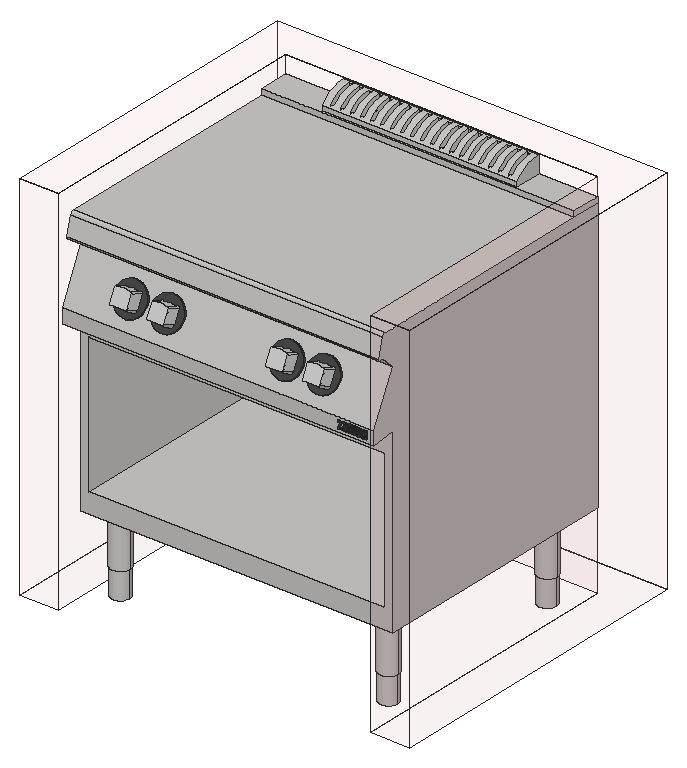
Revit family "QF_ZANUSSI_372178_Z7GCGH4CO0", category Attrezzature speciali, Revit 2020
Family settings
  Quota connettore circolare = Usa diametro
  Tipo di parte = Normale
  Basato su piano di lavoro = No
  Sempre verticale = Sì
  Taglio con vuoti quando caricato = No
  Condiviso = No
  Punto di calcolo locali = No
Parameters (values of type "Standard")
  Weight = 50.00 kg
  Watts = 0 W
  Volts = 0 V
  URL Manufacturer = "http://www.zanussiprofessional.com"
  URL = "http://www.zanussiprofessional.com"
  Steam Supply Size = 0 mm
  Steam Supply Minimum Pressure = 0.0 Pa
  Steam Supply Maximum Pressure = 0.0 Pa
  Steam Consumption per Hour = 0
  Show Logo [instance] = yes
  Show Clearance [instance] = yes
  Refrigeration Suction Line Size = 0 mm
  Refrigeration Liquid Line Size = 0 mm
  Refrigerant Compressor Remote = yes
  Prospetto di default = 0 mm
  Produttore = "Zanussi"
  Phase = 0
  Modello = "Z7GCGH4CO0"
  Length Actual = 800 mm  # constant formula
  Item Number = "372178"
  Hot Water Size = 0 mm
  Height Actual = 850 mm  # constant formula
  HP = "0 HP"
  Gas Size = 12.7 mm
  Gas KW = 22
  Gas Input Pressure = 0.216464 W
  Direct Waste Size = 0 mm
  Descrizione = "4-BURNER GAS RANGE+OPEN BASE 800 MM"
  Depth Actual = 700 mm  # constant formula
  Cycle = 0 Hz
  Condensate Return Size = 0 mm
  Compressed Air Volume = 0.0 L/s
  Compressed Air Size = 0 mm
  Compressed Air Pressure = 0.0 Pa
  Cold Water Size = 0 mm
  Accessory = yes
Reference planes
  plane 1 "Back": y = 0
  plane 2: z = 0
  plane 3 "Left": x = 0
  plane 4: y = -716.25
  plane 5: x = 800
  plane 6: z = 850
  plane 7: y = -340.304
  plane 8: y = -680.608
  plane 9: x = 400
  plane 10: x = 900
  plane 11: x = -100
  plane 12: y = 100
  plane 13: z = 149
Forms (mm)
  Extrusion 1, solid, material "QF_Finishes_Clearance", visible <- "Show Clearance"
    sketch origin (0, 0, 0) x (1, 0, 0) y (0, 1, 0)
      loop
        line (-100, -727.538) -> (0, -727.538) -> (0, 0) -> (800, 0) -> (800, -727.538) -> (900, -727.538) -> (900, 100) -> (-100, 100) -> (-100, -727.538)
    from 0 to 958.9
  Extrusion 2, solid, material "QF_Finishes_Stainless Steel"
    sketch origin (0, 50, 661.213) x (0, 1, 0) y (0, 0, 1)
      loop
        line (-50, 238.788) -> (-50, 253.075) -> (-126.2, 253.075) -> (-126.2, 238.788) -> (-50, 238.788)
    from 0 to 800
  Extrusion 3, solid, material "QF_Finishes_Stainless Steel"
    sketch origin (-305.042, -2, 191.278) x (-1, 0, 0) y (0, -1, 0)
      loop
        circle (-1052.042, 464) r 6.35
    from -1.278 to 438.722
  Extrusion 4, solid, material "QF_Finishes_Stainless Steel"
    sketch origin (0, 50, 661.212) x (0, 1, 0) y (0, 0, 1)
      loop
        line (-50, 238.788) -> (-730.608, 238.788)
        arc (-730.608, 238.788) -> (-735.893, 236.598) -> (-738.083, 231.313) r 7.474
        line (-738.083, 231.313) -> (-751.134, 185.798)
        arc (-751.134, 185.798) -> (-750.646, 183.166) -> (-748.25, 181.971) r 3
        line (-748.25, 181.971) -> (-738.052, 181.971) -> (-706.232, 150.152) -> (-766.25, 29.296) -> (-766.25, -5.704) -> (-709.895, 2.216)
        arc (-709.895, 2.216) -> (-707.351, 1.462) -> (-706.25, -0.953) r 3.2
        line (-706.25, -0.953) -> (-706.25, -462.212) -> (-50, -462.212) -> (-50, 238.788)
    from 0 to 800
  Extrusion 5, void
    sketch origin (0, 0, 50) x (1, 0, 0) y (0, 0, 1)
      loop
        line (20, 555.508) -> (20, 199) -> (780, 199) -> (780, 555.508) -> (20, 555.508)
    from 21.775 to 673.125
Cuts and joins
  Extrusion 5 cuts Extrusion 4
  joined: Extrusion 3, Extrusion 4
Dimensions and locks
  plane 1 "Back" to plane 4 = 716.25 mm  (x2)
  plane 3 "Left" to plane 5 = 800 mm
  equal spacing: plane 3 "Left", plane 9, plane 5
  plane 1 "Back" to plane 12 = 100 mm
  plane 5 to plane 10 = 100 mm
  plane 11 to plane 3 "Left" = 100 mm
  plane 13 to level = 149 mm
  Extrusion 5 sketch curve to Extrusion 5 sketch curve = 760 mm
  Extrusion 1 to cut or joined group of Extrusion 3, Extrusion 4, Extrusion 5 = 900 mm
  aligned and locked: level to plane 2
Automatic sketch dimensions
  Extrusion 1 sketch curve to plane 11 = 0 mm
  Extrusion 1 sketch curve to plane 3 "Left" = 0 mm
  plane 1 "Back" to Extrusion 1 sketch curve = 0 mm
  Extrusion 1 sketch curve to plane 5 = 0 mm
  Extrusion 1 sketch curve to plane 10 = 0 mm
  Extrusion 1 sketch curve to plane 12 = 0 mm
  Extrusion 1 sketch curve to plane 4 = 11.288 mm  (x2)
  Extrusion 2 sketch curve to plane 1 "Back" = 0 mm
  plane 1 "Back" to Extrusion 2 sketch curve = 76.2 mm
  Extrusion 2 sketch curve to plane 6 = 50 mm
  Extrusion 2 sketch curve to Extrusion 2 sketch curve = 14.288 mm
  plane 5 to Extrusion 3 sketch curve = 53 mm
  Extrusion 3 sketch curve to plane 7 = 125.696 mm
  Extrusion 4 sketch curve to plane 4 = 0 mm
  Extrusion 4 sketch curve to plane 8 = 0 mm
  Extrusion 4 sketch curve to plane 1 "Back" = 0 mm
  plane 6 to Extrusion 4 sketch curve = 2.989 mm
  plane 4 to Extrusion 4 sketch curve = 15.116 mm
  Extrusion 4 sketch curve to Extrusion 4 sketch curve = 2.884 mm
  Extrusion 4 sketch curve to Extrusion 4 sketch curve = 7.474 mm
  Extrusion 4 sketch curve to plane 8 = 7.443 mm
  plane 8 to Extrusion 4 sketch curve = 20.713 mm
  Extrusion 4 sketch curve to Extrusion 4 sketch curve = 0.445 mm
  plane 8 to Extrusion 4 sketch curve = 24.358 mm
  plane 8 to Extrusion 4 sketch curve = 24.376 mm
  Extrusion 4 sketch curve to Extrusion 4 sketch curve = 0.827 mm
  plane 6 to Extrusion 4 sketch curve = 38.636 mm
  Extrusion 4 sketch curve to Extrusion 4 sketch curve = 120.856 mm
  Extrusion 4 sketch curve to Extrusion 4 sketch curve = 27.08 mm
  Extrusion 4 sketch curve to Extrusion 4 sketch curve = 35 mm
  Extrusion 4 sketch curve to plane 13 = 50 mm
  Extrusion 4 sketch curve to plane 6 = 42.526 mm
  plane 3 "Left" to Extrusion 5 sketch curve = 20 mm
  plane 5 to Extrusion 5 sketch curve = 20 mm
  Extrusion 5 sketch curve to plane 13 = 100 mm
  plane 6 to Extrusion 5 sketch curve = 244.492 mm
  radius of Extrusion 3 sketch curve = 6.35 mm
Nested families
  nested 1: "Uscita_Fumi_500" at (400, -34.925, 914.288), type "Uscita_Fumi_500"
  nested 2: "CONTROLLER_XP-ZAN" at (698, -685.798, 751.827) x (1, 0, 0) z (0, -0.8956, 0.4448), type "CONTROLLER_XP-ZAN"
  nested 3: "CONTROLLER_XP-ZAN" at (603, -685.798, 751.827) x (1, 0, 0) z (0, -0.8956, 0.4448), type "CONTROLLER_XP-ZAN"
  nested 4: "CONTROLLER_XP-ZAN" at (298, -685.798, 751.827) x (1, 0, 0) z (0, -0.8956, 0.4448), type "CONTROLLER_XP-ZAN"
  nested 5: "CONTROLLER_XP-ZAN" at (203, -685.798, 751.827) x (1, 0, 0) z (0, -0.8956, 0.4448), type "CONTROLLER_XP-ZAN"
  nested 6: "ZANUSSI_Logo" at (749.92, -716.25, 722.184) x (1, 0, 0) z (0, -1, 0), Show Logo <- "Show Logo", visible <- "Show Logo", type "ZANUSSI_Logo"
    with Show Logo yes
  nested 7: "Piedino 50xH200_par" at (56, -90, 0), type "Piedino 50xH200_par"
    with H 200 mm
  nested 8: "Piedino 50xH200_par" at (744, -90, 0), type "Piedino 50xH200_par"
    with H 200 mm
  nested 9: "Piedino 50xH200_par" at (744, -600, 0), type "Piedino 50xH200_par"
    with H 200 mm
  nested 10: "Piedino 50xH200_par" at (56, -600, 0), type "Piedino 50xH200_par"
    with H 200 mm
Connectors
  piping at (747, -466, 190), diameter 12.7, driven by "Gas Size"
    settings: on Extrusion 3, index 13, connector inside diameter 12.8 mm, connector length 0 mm, flow factor 0, pipe flow 0.0 L/s, pressure drop 0.0 Pa, fitting loss kfactor 0, connector angle 0.00°, fixture units 0, engagement length 0 mm, angle of deflection 0.00°, flow configuration 1, flow direction 1, fitting loss method 0, system type 29, joint type 0, gender type 0, connector reference index -1, connector utility 0, adjustable connector no, is connector primary yes, connector description "Gas Connection"
Definition of nested family "Uscita_Fumi_500"
  Parameters (values of type "Uscita_Fumi_500")
    Default Elevation = 1219.2 mm
  Reference planes
    plane 1 "Centro (Fronte/Retro)": y = 0
    plane 2: z = 0
    plane 3 "Centro (Sinistra/Destra)": x = 0
  Forms (mm)
    Extrusion 1, solid
      sketch origin (0, 0, 0) x (1, 0, 0) y (0, 1, 0)
        loop
          line (-1219.2, 1219.2) -> (-1219.2, -1219.2) -> (1219.2, -1219.2) -> (1219.2, 1219.2) -> (-1219.2, 1219.2)
      from 0 to -304.8
    Extrusion 2, solid
      sketch origin (-150, 34.925, -289.638) x (0, 1, 0) y (0, 0, 1)
        loop
          line (0, 289.638) -> (0, 331.738)
          arc (0, 331.738) -> (-38.857, 324.552) -> (-69.85, 300.038) r 82.056
          line (-69.85, 300.038) -> (-69.85, 289.638) -> (0, 289.638)
      from -100 to 400
    Extrusion 3, void
      sketch origin (-262.5, 34.925, -15) x (0, -1, 0) y (1, 0, 0)
        loop
          line (6.761, 29.703) -> (63.911, 29.703) -> (63.911, 38.999) -> (6.761, 38.999) -> (6.761, 29.703)
        loop
          line (63.911, 64.487) -> (6.761, 64.487) -> (6.761, 55.191) -> (63.911, 55.191) -> (63.911, 64.487)
        loop
          line (63.911, 89.975) -> (6.761, 89.975) -> (6.761, 80.68) -> (63.911, 80.68) -> (63.911, 89.975)
        loop
          line (63.911, 115.464) -> (6.761, 115.464) -> (6.761, 106.168) -> (63.911, 106.168) -> (63.911, 115.464)
        loop
          line (63.911, 140.952) -> (6.761, 140.952) -> (6.761, 131.656) -> (63.911, 131.656) -> (63.911, 140.952)
        loop
          line (63.911, 166.44) -> (6.761, 166.44) -> (6.761, 157.145) -> (63.911, 157.145) -> (63.911, 166.44)
        loop
          line (63.911, 191.929) -> (6.761, 191.929) -> (6.761, 182.633) -> (63.911, 182.633) -> (63.911, 191.929)
        loop
          line (63.911, 217.417) -> (6.761, 217.417) -> (6.761, 208.121) -> (63.911, 208.121) -> (63.911, 217.417)
        loop
          line (63.911, 242.905) -> (6.761, 242.905) -> (6.761, 233.61) -> (63.911, 233.61) -> (63.911, 242.905)
        loop
          line (63.911, 268.394) -> (6.761, 268.394) -> (6.761, 259.098) -> (63.911, 259.098) -> (63.911, 268.394)
        loop
          line (63.911, 293.882) -> (6.761, 293.882) -> (6.761, 284.586) -> (63.911, 284.586) -> (63.911, 293.882)
        loop
          line (63.911, 319.37) -> (6.761, 319.37) -> (6.761, 310.075) -> (63.911, 310.075) -> (63.911, 319.37)
        loop
          line (63.911, 344.859) -> (6.761, 344.859) -> (6.761, 335.563) -> (63.911, 335.563) -> (63.911, 344.859)
        loop
          line (63.911, 370.347) -> (6.761, 370.347) -> (6.761, 361.051) -> (63.911, 361.051) -> (63.911, 370.347)
        loop
          line (63.911, 393.394) -> (6.761, 393.394) -> (6.761, 384.098) -> (63.911, 384.098) -> (63.911, 393.394)
        loop
          line (63.911, 418.882) -> (6.761, 418.882) -> (6.761, 409.586) -> (63.911, 409.586) -> (63.911, 418.882)
        loop
          line (63.911, 444.37) -> (6.761, 444.37) -> (6.761, 435.075) -> (63.911, 435.075) -> (63.911, 444.37)
        loop
          line (63.911, 469.859) -> (6.761, 469.859) -> (6.761, 460.563) -> (63.911, 460.563) -> (63.911, 469.859)
        loop
          line (63.911, 495.347) -> (6.761, 495.347) -> (6.761, 486.051) -> (63.911, 486.051) -> (63.911, 495.347)
      from 25.4 to 63.5
  Cuts and joins
    Extrusion 3 cuts Extrusion 2
  Dimensions and locks
    cut or joined group of Extrusion 2, Extrusion 3 to cut or joined group of Extrusion 2, Extrusion 3 = 500 mm
    aligned and locked: plane 2 to Extrusion 1
    aligned and locked: level to Extrusion 1
Definition of nested family "CONTROLLER_XP-ZAN"
  Parameters (values of type "CONTROLLER_XP-ZAN")
    Default Elevation = 0 mm
  Reference planes
    plane 1 "Centro (Fronte/Retro)": y = 0
    plane 2: z = 0
    plane 3 "Centro (Sinistra/Destra)": x = 0
    plane 4: x = -51.067
    plane 5: x = 51.067
    plane 6: x = 93.481
    plane 7: x = -93.481
  Forms (mm)
    Extrusion 1, solid
      sketch origin (0, 0, 0) x (1, 0, 0) y (0, 1, 0)
        loop
          line (-1219.2, 1219.2) -> (-1219.2, -1219.2) -> (1219.2, -1219.2) -> (1219.2, 1219.2) -> (-1219.2, 1219.2)
      from 0 to -304.8
    Extrusion 2, solid
      sketch origin (-46.381, -48.923, 0) x (1, 0, 0) y (0, 1, 0)
        loop
          circle (-4.687, 48.923) r 42.414
      from 0 to 3.175
    Blend 3, solid
      base sketch origin (-46.381, -48.923, 3.175) x (1, 0, 0) y (0, 1, 0)
        loop
          line (-23.687, 25.923) -> (14.313, 25.923)
          arc (14.313, 25.923) -> (17.142, 27.095) -> (18.313, 29.923) r 4
          line (18.313, 29.923) -> (18.313, 66.519)
          arc (18.313, 66.519) -> (17.342, 69.132) -> (14.901, 70.476) r 4
          arc (14.901, 70.476) -> (-4.687, 71.923) -> (-24.275, 70.476) r 133.25
          arc (-24.275, 70.476) -> (-26.716, 69.132) -> (-27.687, 66.519) r 4
          line (-27.687, 66.519) -> (-27.687, 29.923)
          arc (-27.687, 29.923) -> (-26.515, 27.095) -> (-23.687, 25.923) r 4
      top sketch origin (-46.381, -48.923, 3.175) x (1, 0, 0) y (0, 1, 0)
        loop
          line (-25.687, 66.519) -> (-25.687, 29.923)
          arc (-25.687, 29.923) -> (-25.101, 28.509) -> (-23.687, 27.923) r 2
          line (-23.687, 27.923) -> (14.313, 27.923)
          arc (14.313, 27.923) -> (15.727, 28.509) -> (16.313, 29.923) r 2
          line (16.313, 29.923) -> (16.313, 66.519)
          arc (16.313, 66.519) -> (15.828, 67.825) -> (14.607, 68.498) r 2
          arc (14.607, 68.498) -> (-4.687, 69.923) -> (-23.981, 68.498) r 131.25
          arc (-23.981, 68.498) -> (-25.201, 67.825) -> (-25.687, 66.519) r 2
      from 0 to 33
  Lines and regions (mm)
    Split face 1
      outline origin (-46.381, -48.923, 36.175) x (1, 0, 0) y (0, 1, 0)
        loop
          line (-6.687, 69.908) -> (-6.687, 62.923) -> (-2.687, 62.923) -> (-2.687, 69.908)
  Dimensions and locks
    aligned and locked: plane 2 to Extrusion 1
    aligned and locked: level to Extrusion 1
Definition of nested family "ZANUSSI_Logo"
  Parameters (values of type "ZANUSSI_Logo")
    Show Logo [instance] = yes
    Default Elevation = 1219.2 mm
  Reference planes
    plane 1 "Center (Front/Back)": y = -49
    plane 2: z = 0
    plane 3 "Center (Left/Right)": x = -9.92
  Forms (mm)
    Extrusion 1, solid
      sketch origin (0, 0, 0) x (1, 0, 0) y (0, 1, 0)
        loop
          line (-1219.2, 1219.2) -> (-1219.2, -1219.2) -> (1219.2, -1219.2) -> (1219.2, 1219.2) -> (-1219.2, 1219.2)
      from 0 to -304.8
    Extrusion 2, solid, visible <- "Show Logo"
      sketch origin (106.353, -215.165, -50) x (1, 0, 0) y (0, 1, 0)
        loop
          line (-137.419, 156.48) -> (-137.419, 160.444) -> (-143.365, 160.444) -> (-137.419, 172.566) -> (-137.419, 175.851) -> (-147.274, 175.851) -> (-147.274, 172.226) -> (-142.063, 172.339) -> (-147.728, 160.444) -> (-147.728, 156.48) -> (-137.419, 156.48)
        loop
          line (-131.729, 163.73) -> (-129.463, 163.73) -> (-130.596, 172.54) -> (-131.729, 163.73)
        loop
          line (-132.748, 156.48) -> (-132.182, 160.218) -> (-128.897, 160.218) -> (-128.33, 156.48) -> (-124.252, 156.48) -> (-127.877, 175.851) -> (-133.315, 175.851) -> (-136.826, 156.48) -> (-132.748, 156.48)
        loop
          line (-123.75, 175.851) -> (-123.75, 156.48) -> (-120.238, 156.48) -> (-120.238, 169.281) -> (-116.953, 156.48) -> (-112.648, 156.48) -> (-112.648, 175.851) -> (-116.273, 175.851) -> (-116.273, 163.503) -> (-119.558, 175.851) -> (-123.75, 175.851)
        loop
          arc (-111.742, 161.27) -> (-106.896, 156.448) -> (-101.433, 160.558) r 5.22
          line (-101.433, 160.558) -> (-101.433, 175.851) -> (-105.398, 175.851) -> (-105.398, 161.464)
          arc (-105.398, 161.464) -> (-106.44, 160.263) -> (-107.777, 161.124) r 1.214
          line (-107.777, 161.124) -> (-107.777, 175.851) -> (-111.742, 175.851) -> (-111.742, 161.27)
        loop
          line (-94.069, 169.734) -> (-90.331, 169.734) -> (-90.269, 171.495)
          arc (-90.269, 171.495) -> (-90.53, 173.458) -> (-91.761, 175.009) r 3.719
          arc (-91.761, 175.009) -> (-95.38, 176.189) -> (-98.998, 175.009) r 6.139
          arc (-98.998, 175.009) -> (-100.474, 172.145) -> (-100.291, 168.927) r 6.125
          arc (-100.291, 168.927) -> (-99.079, 167.149) -> (-97.591, 165.594) r 13.068
          line (-97.591, 165.594) -> (-95.921, 164.113)
          arc (-95.921, 164.113) -> (-94.934, 163.275) -> (-94.167, 162.233) r 5.571
          arc (-94.167, 162.233) -> (-94.357, 160.41) -> (-96.143, 160.003) r 1.573
          arc (-96.143, 160.003) -> (-96.681, 160.547) -> (-96.911, 161.277) r 1.631
          arc (-96.911, 161.277) -> (-96.929, 161.791) -> (-96.911, 162.305) r 7.441
          arc (-96.911, 162.305) -> (-96.895, 162.791) -> (-96.911, 163.277) r 7.03
          line (-96.911, 163.277) -> (-100.866, 163.277)
          arc (-100.866, 163.277) -> (-100.828, 160.504) -> (-99.735, 157.955) r 7.131
          arc (-99.735, 157.955) -> (-94.571, 156.484) -> (-90.221, 159.633) r 6.148
          arc (-90.221, 159.633) -> (-90.141, 162.884) -> (-91.536, 165.823) r 7.021
          line (-91.536, 165.823) -> (-95.882, 169.734)
          arc (-95.882, 169.734) -> (-96.47, 170.472) -> (-96.785, 171.362) r 2.858
          arc (-96.785, 171.362) -> (-95.666, 172.959) -> (-94.069, 171.84) r 1.379
          line (-94.069, 171.84) -> (-94.069, 169.734)
        loop
          line (-82.771, 169.734) -> (-79.033, 169.734) -> (-78.971, 171.495)
          arc (-78.971, 171.495) -> (-79.232, 173.458) -> (-80.463, 175.009) r 3.719
          arc (-80.463, 175.009) -> (-84.081, 176.189) -> (-87.7, 175.009) r 6.139
          arc (-87.7, 175.009) -> (-89.175, 172.145) -> (-88.993, 168.927) r 6.125
          arc (-88.993, 168.927) -> (-87.781, 167.149) -> (-86.293, 165.594) r 13.068
          line (-86.293, 165.594) -> (-84.623, 164.113)
          arc (-84.623, 164.113) -> (-83.636, 163.275) -> (-82.869, 162.233) r 5.571
          arc (-82.869, 162.233) -> (-83.059, 160.41) -> (-84.845, 160.003) r 1.573
          arc (-84.845, 160.003) -> (-85.383, 160.547) -> (-85.613, 161.277) r 1.631
          arc (-85.613, 161.277) -> (-85.631, 161.791) -> (-85.613, 162.305) r 7.441
          arc (-85.613, 162.305) -> (-85.596, 162.791) -> (-85.613, 163.277) r 7.03
          line (-85.613, 163.277) -> (-89.568, 163.277)
          arc (-89.568, 163.277) -> (-89.53, 160.504) -> (-88.437, 157.955) r 7.131
          arc (-88.437, 157.955) -> (-83.272, 156.484) -> (-78.922, 159.633) r 6.148
          arc (-78.922, 159.633) -> (-78.843, 162.884) -> (-80.238, 165.823) r 7.021
          line (-80.238, 165.823) -> (-84.584, 169.734)
          arc (-84.584, 169.734) -> (-85.171, 170.472) -> (-85.486, 171.362) r 2.858
          arc (-85.486, 171.362) -> (-84.368, 172.959) -> (-82.771, 171.84) r 1.379
          line (-82.771, 171.84) -> (-82.771, 169.734)
        loop
          line (-78.21, 175.851) -> (-78.21, 156.48) -> (-74.245, 156.48) -> (-74.245, 175.851) -> (-78.21, 175.851)
      from 50 to 51.6
  Dimensions and locks
    aligned and locked: plane 2 to Extrusion 1
    aligned and locked: level to Extrusion 1
Definition of nested family "Piedino 50xH200_par"
  Parameters (values of type "Piedino 50xH200_par")
    Default Elevation = 0 mm
    H [instance] = 200 mm
  Reference planes
    plane 1 "Centro (Fronte/Retro)": y = 0
    plane 2: z = 0
    plane 3 "Centro (Sinistra/Destra)": x = 0
  Forms (mm)
    Revolve 1, solid
      sketch origin (55, 0, 0) x (-1, 0, 0) y (0, 0, -1)
        loop
          line (55, 0) -> (32.1, 0) -> (32.1, -69.05) -> (29.6, -69.05) -> (29.6, -200) -> (55, -200) -> (55, 0)
        axis (55, 0) -> (55, -200)
      angle from 0 to 360
  Dimensions and locks
    "H": Revolve 1 to plane 2
    aligned and locked: level to plane 2
  Automatic sketch dimensions
    Revolve 1 sketch curve to level = 0 mm
    Revolve 1 sketch curve to plane 3 "Centro (Sinistra/Destra)" = 0 mm  (x2)
    plane 3 "Centro (Sinistra/Destra)" to Revolve 1 sketch curve = 22.9 mm
    Revolve 1 sketch curve to Revolve 1 sketch curve = 2.5 mm
    level to Revolve 1 sketch curve = 69.05 mm
    Revolve 1 sketch curve to Revolve 1 sketch curve = 130.95 mm
    Revolve 1 sketch curve to Revolve 1 sketch curve = 0 mm
    Revolve 1 sketch curve to Revolve 1 sketch curve = 20 mm
